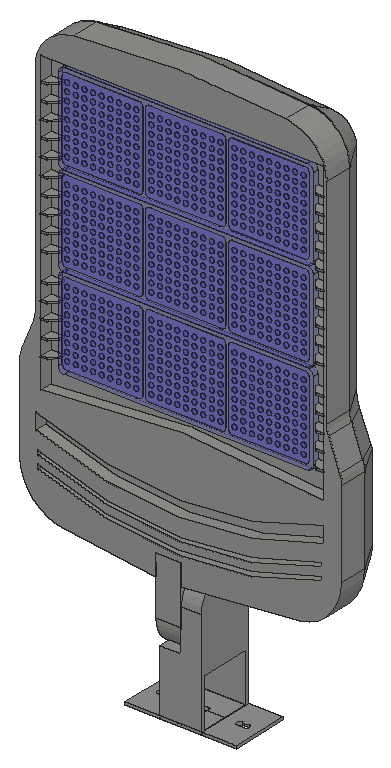
Revit family "VP-4-T", category Lighting Fixtures, host Face, Revit 2019
Family settings
  Host = Face
  Round Connector Dimension = Use Diameter
  Part Type = Normal
  OmniClass Number = 23.80.70.11.14.17
  OmniClass Title = Direct/Indirect
  Cut with Voids When Loaded = No
  Light Source = No
  Shared = Yes
  Room Calculation Point = No
Parameters (values of type "VP-4-T")
  Wattage Comments = "600W"
  Warranty = "Five year warranty"  # constant formula
  Voltage = 120 V
  URL = "https://www.currentlighting.com/beacon"
  Type Comments = "Lighting Fixture"  # constant formula
  Product Page URL = "https://www.currentlighting.com/outdoor-lighting/viper-area-size-4/9606406"
  Product Documentation Link = "https://cdn.currentlighting.com/site/specsheet/BEA_VIPERSPEC.pdf"
  Power Factor = 0.9
  Name = "Viper Area Size 4"  # constant formula
  Model = "VP-4-T"
  Matt Grey = MATT GREY
  Matt Black = Matt Black
  Manufacturer = "Current Lighting"  # constant formula
  Load Classification = Lighting
  Light Output = 87468.00 cd/m²
  Lamp = "LED"  # constant formula
  Grey = Grey
  Glass = Glass
  Features = "Featuring two different optical technologies, Micro Strike and Strike Optics, which provide the best distribution patterns for retrofit or new construction\r\nVibration rated for high vibration applications including bridges and overpasses\r\nControl options including photo control, occupancy sensing, NX Lighting Controls, wiSCAPE and 7-Pin with networked controls\r\nMounting options include: Arm, Universal Arm, Adjustable Arm, Mast Arm, Decorative Arm, Knuckle, Trunnion, Wall\r\nDistribution options include: Auto Front Row, Type 2, Type 3, Type 4 Forward, Type 4 Wide, Type 5 Narrow, Type 5 Medium, Type 5 Wide, Type 5 Rectangular, Corner Optic, and Tennis Court\r\n\r\n"  # constant formula
  Copyright = "© 2022 Current Lighting"  # constant formula
  Cool Grey = Cool Grey
  Contact Us = "https://www.currentlighting.com/contact-us"
  Certification = "UL"  # constant formula
  Description = "The Viper is an extremely versatile area/site luminaire which blends design, performance, and technology for a variety of applications."  # constant formula
  Default Elevation = 48.00"
  Finish = Arctic White
  Matt White = Matt White
  CRI = "70"  # constant formula
  Brand = "Beacon"  # constant formula
  Assembly Code = "D5020200"
  Apparent Load = 600 VA
Reference planes (in)
  plane 1 "Center (Front/Back)": y = 6.16697
  plane 2: z = 0
  plane 3 "Center (Left/Right)": x = 0
  plane 4: z = 3.75
  plane 5: z = -4.44
  plane 6: x = -1.75
  plane 7: x = 1.75
  plane 8: y = 4.41697
  plane 9: y = 7.91697
  plane 10: z = 120
Lines and regions (in)
  reference lines
    curve 1: line (0, 14.42606, -3.25) -> (0, 17.42606, -0.25)
    curve 2: line (0, -2.09213, -3.25) -> (0, 14.42606, -3.25)
    curve 3: line (0, -5.09213, -0.25) -> (0, -2.09213, -3.25)
    curve 4: line (0, 14.42606, -3.25) -> (0, 17.42606, -0.25)
    curve 5: line (0, -5.09213, -0.25) -> (0, 17.42606, -0.25)
    curve 6: line (0, 17.17606, -0.77432) -> (0, 17.92606, -0.77432)
    curve 7: line (0, 17.17606, -1.52432) -> (0, 17.17606, -0.77432)
    curve 8: line (0, 16.69614, -1.52432) -> (0, 17.17606, -1.52432)
    curve 9: line (0, 14.92606, -4.25) -> (0, 16.69614, -1.52432)
    curve 10: line (0, -4.3622, -1.52432) -> (0, -2.59213, -4.25)
    curve 11: line (0, -4.84213, -1.52432) -> (0, -4.3622, -1.52432)
    curve 12: line (0, -4.84213, -0.77432) -> (0, -4.84213, -1.52432)
    curve 13: line (0, -5.59213, -0.77432) -> (0, -4.84213, -0.77432)
Dimensions and locks (in)
  plane 4 to plane 2 = 3.75"
  plane 8 to plane 9 = 3.50"
  equal spacing: plane 8, plane 1 "Center (Front/Back)", plane 9
  equal spacing: plane 6, plane 3 "Center (Left/Right)", plane 7
  plane 6 to plane 7 = 3.50"
  plane 10 to plane 2 = 120.00"
  aligned and locked: plane 2 to host face
  aligned and locked: level to host face
  aligned and locked: plane 3 "Center (Left/Right)" to nested 1
  aligned and locked: plane 1 "Center (Front/Back)" to nested 1
Automatic sketch dimensions
  host sketch curve to host sketch curve = 96.00"
  host sketch curve to host sketch curve = 85.00"
  curve 3 to level = 0.25"
  plane 8 to curve 3 = 9.50909"
  curve 3 to curve 12 = 0.25"
  curve 11 to curve 11 = 0.47992"
  curve 2 to plane 5 = 1.19"
  curve 10 to curve 2 = 2.27008"
  curve 1 to plane 9 = 6.50909"
  curve 9 to level = 1.52432"
  curve 1 to curve 9 = 2.27008"
  curve 8 to curve 8 = 0.47992"
  curve 6 to curve 4 = 0.25"
  curve 10 to curve 3 = 1.27432"
  curve 7 to curve 1 = 0.52432"
  curve 12 to curve 3 = 0.52432"
  curve 13 to curve 3 = 0.50"
  curve 10 to plane 5 = 0.19"
  curve 10 to curve 2 = 0.50"
  curve 9 to plane 5 = 0.19"
  curve 1 to curve 9 = 0.50"
  curve 1 to curve 6 = 0.50"
Nested families (in)
  nested 1: "SIZE4-T" at (0, 6.16697, 0), type "SIZE4-T"
Connectors (in)
  electrical at (8.05953, 4.7895, 17.66953)
    settings: on nested 1, index 1, voltage 0 V, apparent load 0 VA, apparent load phase1 0 VA, apparent load phase2 0 VA, apparent load phase3 0 VA, power factor 1, load classification "Other", number of poles 1, system type 30, power factor state 1, is connector primary yes, connector utility no, sub classification motor no, connector description ""
Definition of nested family "SIZE4-T"
  Parameters (values of type "SIZE4-T")
    Width = 19.62"
    Wattage = 519.1 W
    built-in parameter 1150110 = 1 (stored number, unit not read)
    built-in parameter 1114217 = 1 (stored number, unit not read)
    Tilt Angle = 160.00°
    built-in parameter 1150109 = 1 (stored number, unit not read)
    built-in parameter 1150134 = 3
    built-in parameter 1150113 = 1 (stored number, unit not read)
    Photometric Web File = "VP-4-720L-515-5K7-4W-BC.ies"
    Mount Length = 7.50"
    built-in parameter 1150105 = 3180.8 (stored number, unit not read)
    Lumens = 39970.7 lm
    built-in parameter 1150115 = 1 (stored number, unit not read)
    built-in parameter 1150137 = (empty or 0)
    built-in parameter 1150139 = (empty or 0)
    Length = 27.98"
    built-in parameter 1150112 = 1 (stored number, unit not read)
    built-in parameter 1150114 = 1 (stored number, unit not read)
    built-in parameter 1150132 = (empty or 0)
    built-in parameter 1150102 = (empty or 0)
    built-in parameter 1150107 = 3200 (stored number, unit not read)
    built-in parameter 1150138 = (empty or 0)
    built-in parameter 1150106 = 31.808 (stored number, unit not read)
    Glass = none
    Fixture = none
    built-in parameter 1150104 = 7.1535 (stored number, unit not read)
    Dimming Lamp Color Temperature Shift = (empty or 0)
    Default Elevation = 48.00"
    Color Filter = 16777215
    built-in parameter 1114218 = 1 (stored number, unit not read)
    built-in parameter 1150133 = 10 (stored number, unit not read)
  Reference planes (in)
    plane 1 "Center (Front/Back)": y = 0
    plane 2: z = 0
    plane 3 "Center (Left/Right)": x = 0
    plane 4: x = 9.81
    plane 5: x = -9.81
    plane 6: z = 7.5
    plane 7: z = 35.48
    plane 8: y = -1.74
    plane 9: y = 1.74
  Forms (in)
    Extrusion 1, solid
      sketch origin (0, 0, 0) x (1, 0, 0) y (0, 1, 0)
        loop
          line (-48, 48) -> (-48, -48) -> (48, -48) -> (48, 48) -> (-48, 48)
      from 0 to -12
    Extrusion 2, void
      sketch origin (0, 0, 0) x (1, 0, 0) y (0, 0, 1)
        loop
          arc (-8.40608, 15.16005) -> (0.0771, 15.81374) -> (8.56, 15.15635) r 55.21553
          line (8.56, 15.15635) -> (8.56, 33.16182) -> (-8.40608, 33.16182) -> (-8.40608, 15.16005)
      from 1 to 1.75
    Extrusion 3, solid, material <- "Glass"
      sketch origin (0, 0, -0.5) x (1, 0, 0) y (0, 0, 1)
        loop
          arc (-7.30987, 33.16182) -> (-7.55736, 33.05931) -> (-7.65987, 32.81182) r 0.35
          line (-7.65987, 32.81182) -> (-7.65987, 28.01182)
          arc (-7.65987, 28.01182) -> (-7.55736, 27.76434) -> (-7.30987, 27.66182) r 0.35
          line (-7.30987, 27.66182) -> (7.30987, 27.66182)
          arc (7.30987, 27.66182) -> (7.55736, 27.76434) -> (7.65987, 28.01182) r 0.35
          line (7.65987, 28.01182) -> (7.65987, 32.81182)
          arc (7.65987, 32.81182) -> (7.55736, 33.05931) -> (7.30987, 33.16182) r 0.35
          line (7.30987, 33.16182) -> (-7.30987, 33.16182)
      from 1 to 1.35
    Extrusion 4, solid, material <- "Glass"
      sketch origin (0.375, 0, -0.375) x (1, 0, 0) y (0, 0, 1)
        loop
          circle (-7.47829, 32.33694) r 0.15
        loop
          circle (-6.95955, 32.33694) r 0.15
        loop
          circle (-6.4408, 32.33694) r 0.15
        loop
          circle (-5.92205, 32.33694) r 0.15
        loop
          circle (-5.4033, 32.33694) r 0.15
        loop
          circle (-4.88455, 32.33694) r 0.15
        loop
          circle (-4.3658, 32.33694) r 0.15
        loop
          circle (-3.84705, 32.33694) r 0.15
        loop
          circle (-3.32831, 32.33694) r 0.15
        loop
          circle (-7.47829, 31.83694) r 0.15
        loop
          circle (-6.95955, 31.83694) r 0.15
        loop
          circle (-6.4408, 31.83694) r 0.15
        loop
          circle (-5.92205, 31.83694) r 0.15
        loop
          circle (-5.4033, 31.83694) r 0.15
        loop
          circle (-4.88455, 31.83694) r 0.15
        loop
          circle (-4.3658, 31.83694) r 0.15
        loop
          circle (-3.84705, 31.83694) r 0.15
        loop
          circle (-3.32831, 31.83694) r 0.15
        loop
          circle (-7.47829, 31.33694) r 0.15
        loop
          circle (-6.95955, 31.33694) r 0.15
        loop
          circle (-6.4408, 31.33694) r 0.15
        loop
          circle (-5.92205, 31.33694) r 0.15
        loop
          circle (-5.4033, 31.33694) r 0.15
        loop
          circle (-4.88455, 31.33694) r 0.15
        loop
          circle (-4.3658, 31.33694) r 0.15
        loop
          circle (-3.84705, 31.33694) r 0.15
        loop
          circle (-3.32831, 31.33694) r 0.15
        loop
          circle (-7.47829, 30.83694) r 0.15
        loop
          circle (-6.95955, 30.83694) r 0.15
        loop
          circle (-6.4408, 30.83694) r 0.15
        loop
          circle (-5.92205, 30.83694) r 0.15
        loop
          circle (-5.4033, 30.83694) r 0.15
        loop
          circle (-4.88455, 30.83694) r 0.15
        loop
          circle (-4.3658, 30.83694) r 0.15
        loop
          circle (-3.84705, 30.83694) r 0.15
        loop
          circle (-3.32831, 30.83694) r 0.15
        loop
          circle (-7.47829, 30.33694) r 0.15
        loop
          circle (-6.95955, 30.33694) r 0.15
        loop
          circle (-6.4408, 30.33694) r 0.15
        loop
          circle (-5.92205, 30.33694) r 0.15
        loop
          circle (-5.4033, 30.33694) r 0.15
        loop
          circle (-4.88455, 30.33694) r 0.15
        loop
          circle (-4.3658, 30.33694) r 0.15
        loop
          circle (-3.84705, 30.33694) r 0.15
        loop
          circle (-3.32831, 30.33694) r 0.15
        loop
          circle (-7.47829, 29.83694) r 0.15
        loop
          circle (-6.95955, 29.83694) r 0.15
        loop
          circle (-6.4408, 29.83694) r 0.15
        loop
          circle (-5.92205, 29.83694) r 0.15
        loop
          circle (-5.4033, 29.83694) r 0.15
        loop
          circle (-4.88455, 29.83694) r 0.15
        loop
          circle (-4.3658, 29.83694) r 0.15
        loop
          circle (-3.84705, 29.83694) r 0.15
        loop
          circle (-3.32831, 29.83694) r 0.15
        loop
          circle (-7.47829, 29.33694) r 0.15
        loop
          circle (-6.95955, 29.33694) r 0.15
        loop
          circle (-6.4408, 29.33694) r 0.15
        loop
          circle (-5.92205, 29.33694) r 0.15
        loop
          circle (-5.4033, 29.33694) r 0.15
        loop
          circle (-4.88455, 29.33694) r 0.15
        loop
          circle (-4.3658, 29.33694) r 0.15
        loop
          circle (-3.84705, 29.33694) r 0.15
        loop
          circle (-3.32831, 29.33694) r 0.15
        loop
          circle (-7.47829, 28.83694) r 0.15
        loop
          circle (-6.95955, 28.83694) r 0.15
        loop
          circle (-6.4408, 28.83694) r 0.15
        loop
          circle (-5.92205, 28.83694) r 0.15
        loop
          circle (-5.4033, 28.83694) r 0.15
        loop
          circle (-4.88455, 28.83694) r 0.15
        loop
          circle (-4.3658, 28.83694) r 0.15
        loop
          circle (-3.84705, 28.83694) r 0.15
        loop
          circle (-3.32831, 28.83694) r 0.15
        loop
          circle (-7.47829, 28.33694) r 0.15
        loop
          circle (-6.95955, 28.33694) r 0.15
        loop
          circle (-6.4408, 28.33694) r 0.15
        loop
          circle (-5.92205, 28.33694) r 0.15
        loop
          circle (-5.4033, 28.33694) r 0.15
        loop
          circle (-4.88455, 28.33694) r 0.15
        loop
          circle (-4.3658, 28.33694) r 0.15
        loop
          circle (-3.84705, 28.33694) r 0.15
        loop
          circle (-3.32831, 28.33694) r 0.15
      from 1.35 to 1.4
    Extrusion 5, solid, material <- "Glass"
      sketch origin (0, 0, -0.375) x (1, 0, 0) y (0, 0, 1)
        loop
          arc (-7.16655, 32.8409) -> (-7.34333, 32.76768) -> (-7.41655, 32.5909) r 0.25
          line (-7.41655, 32.5909) -> (-7.41655, 28.0909)
          arc (-7.41655, 28.0909) -> (-7.34333, 27.91412) -> (-7.16655, 27.8409) r 0.25
          line (-7.16655, 27.8409) -> (-2.81123, 27.8409)
          arc (-2.81123, 27.8409) -> (-2.63446, 27.91412) -> (-2.56123, 28.0909) r 0.25
          line (-2.56123, 28.0909) -> (-2.56123, 32.5909)
          arc (-2.56123, 32.5909) -> (-2.63446, 32.76768) -> (-2.81123, 32.8409) r 0.25
          line (-2.81123, 32.8409) -> (-7.16655, 32.8409)
      from 1.35 to 1.37213
    Extrusion 6, solid, material <- "Fixture"
      sketch origin (0, 0, 12.875) x (1, 0, 0) y (0, 1, 0)
        loop
          line (7.68693, -1) -> (7.68693, -1.20146)
          arc (7.68693, -1.20146) -> (7.69367, -1.23973) -> (7.71311, -1.27339) r 0.1119
          line (7.71311, -1.27339) -> (8.07367, -1.70309)
          arc (8.07367, -1.70309) -> (8.10164, -1.72455) -> (8.13607, -1.73219) r 0.08147
          line (8.13607, -1.73219) -> (8.56, -1.73219) -> (8.56, -1) -> (7.68693, -1)
      from 18.55 to 18.65
    Extrusion 7, solid, material <- "Glass"
      sketch origin (-0.375, 0, -0.375) x (-1, 0, 0) y (0, 0, -1)
        loop
          circle (-7.47829, -32.33694) r 0.15
        loop
          circle (-6.95955, -32.33694) r 0.15
        loop
          circle (-6.4408, -32.33694) r 0.15
        loop
          circle (-5.92205, -32.33694) r 0.15
        loop
          circle (-5.4033, -32.33694) r 0.15
        loop
          circle (-4.88455, -32.33694) r 0.15
        loop
          circle (-4.3658, -32.33694) r 0.15
        loop
          circle (-3.84705, -32.33694) r 0.15
        loop
          circle (-3.32831, -32.33694) r 0.15
        loop
          circle (-7.47829, -31.83694) r 0.15
        loop
          circle (-6.95955, -31.83694) r 0.15
        loop
          circle (-6.4408, -31.83694) r 0.15
        loop
          circle (-5.92205, -31.83694) r 0.15
        loop
          circle (-5.4033, -31.83694) r 0.15
        loop
          circle (-4.88455, -31.83694) r 0.15
        loop
          circle (-4.3658, -31.83694) r 0.15
        loop
          circle (-3.84705, -31.83694) r 0.15
        loop
          circle (-3.32831, -31.83694) r 0.15
        loop
          circle (-7.47829, -31.33694) r 0.15
        loop
          circle (-6.95955, -31.33694) r 0.15
        loop
          circle (-6.4408, -31.33694) r 0.15
        loop
          circle (-5.92205, -31.33694) r 0.15
        loop
          circle (-5.4033, -31.33694) r 0.15
        loop
          circle (-4.88455, -31.33694) r 0.15
        loop
          circle (-4.3658, -31.33694) r 0.15
        loop
          circle (-3.84705, -31.33694) r 0.15
        loop
          circle (-3.32831, -31.33694) r 0.15
        loop
          circle (-7.47829, -30.83694) r 0.15
        loop
          circle (-6.95955, -30.83694) r 0.15
        loop
          circle (-6.4408, -30.83694) r 0.15
        loop
          circle (-5.92205, -30.83694) r 0.15
        loop
          circle (-5.4033, -30.83694) r 0.15
        loop
          circle (-4.88455, -30.83694) r 0.15
        loop
          circle (-4.3658, -30.83694) r 0.15
        loop
          circle (-3.84705, -30.83694) r 0.15
        loop
          circle (-3.32831, -30.83694) r 0.15
        loop
          circle (-7.47829, -30.33694) r 0.15
        loop
          circle (-6.95955, -30.33694) r 0.15
        loop
          circle (-6.4408, -30.33694) r 0.15
        loop
          circle (-5.92205, -30.33694) r 0.15
        loop
          circle (-5.4033, -30.33694) r 0.15
        loop
          circle (-4.88455, -30.33694) r 0.15
        loop
          circle (-4.3658, -30.33694) r 0.15
        loop
          circle (-3.84705, -30.33694) r 0.15
        loop
          circle (-3.32831, -30.33694) r 0.15
        loop
          circle (-7.47829, -29.83694) r 0.15
        loop
          circle (-6.95955, -29.83694) r 0.15
        loop
          circle (-6.4408, -29.83694) r 0.15
        loop
          circle (-5.92205, -29.83694) r 0.15
        loop
          circle (-5.4033, -29.83694) r 0.15
        loop
          circle (-4.88455, -29.83694) r 0.15
        loop
          circle (-4.3658, -29.83694) r 0.15
        loop
          circle (-3.84705, -29.83694) r 0.15
        loop
          circle (-3.32831, -29.83694) r 0.15
        loop
          circle (-7.47829, -29.33694) r 0.15
        loop
          circle (-6.95955, -29.33694) r 0.15
        loop
          circle (-6.4408, -29.33694) r 0.15
        loop
          circle (-5.92205, -29.33694) r 0.15
        loop
          circle (-5.4033, -29.33694) r 0.15
        loop
          circle (-4.88455, -29.33694) r 0.15
        loop
          circle (-4.3658, -29.33694) r 0.15
        loop
          circle (-3.84705, -29.33694) r 0.15
        loop
          circle (-3.32831, -29.33694) r 0.15
        loop
          circle (-7.47829, -28.83694) r 0.15
        loop
          circle (-6.95955, -28.83694) r 0.15
        loop
          circle (-6.4408, -28.83694) r 0.15
        loop
          circle (-5.92205, -28.83694) r 0.15
        loop
          circle (-5.4033, -28.83694) r 0.15
        loop
          circle (-4.88455, -28.83694) r 0.15
        loop
          circle (-4.3658, -28.83694) r 0.15
        loop
          circle (-3.84705, -28.83694) r 0.15
        loop
          circle (-3.32831, -28.83694) r 0.15
        loop
          circle (-7.47829, -28.33694) r 0.15
        loop
          circle (-6.95955, -28.33694) r 0.15
        loop
          circle (-6.4408, -28.33694) r 0.15
        loop
          circle (-5.92205, -28.33694) r 0.15
        loop
          circle (-5.4033, -28.33694) r 0.15
        loop
          circle (-4.88455, -28.33694) r 0.15
        loop
          circle (-4.3658, -28.33694) r 0.15
        loop
          circle (-3.84705, -28.33694) r 0.15
        loop
          circle (-3.32831, -28.33694) r 0.15
      from 1.35 to 1.4
    Extrusion 8, solid, material <- "Glass"
      sketch origin (0, 0, -0.375) x (-1, 0, 0) y (0, 0, -1)
        loop
          line (-7.16655, -32.8409) -> (-2.84181, -32.8409)
          arc (-2.84181, -32.8409) -> (-2.66504, -32.76768) -> (-2.59181, -32.5909) r 0.25
          line (-2.59181, -32.5909) -> (-2.59181, -28.0909)
          arc (-2.59181, -28.0909) -> (-2.66504, -27.91412) -> (-2.84181, -27.8409) r 0.25
          line (-2.84181, -27.8409) -> (-7.16655, -27.8409)
          arc (-7.16655, -27.8409) -> (-7.34333, -27.91412) -> (-7.41655, -28.0909) r 0.25
          line (-7.41655, -28.0909) -> (-7.41655, -32.5909)
          arc (-7.41655, -32.5909) -> (-7.34333, -32.76768) -> (-7.16655, -32.8409) r 0.25
      from 1.35 to 1.37213
    Extrusion 9, solid, material <- "Glass"
      sketch origin (0, 0, -5.75) x (1, 0, 0) y (0, 0, 1)
        loop
          arc (-7.30987, 32.91182) -> (-7.55736, 32.80931) -> (-7.65987, 32.56182) r 0.35
          line (-7.65987, 32.56182) -> (-7.65987, 27.76182)
          arc (-7.65987, 27.76182) -> (-7.55736, 27.51434) -> (-7.30987, 27.41182) r 0.35
          line (-7.30987, 27.41182) -> (7.30987, 27.41182)
          arc (7.30987, 27.41182) -> (7.55736, 27.51434) -> (7.65987, 27.76182) r 0.35
          line (7.65987, 27.76182) -> (7.65987, 32.56182)
          arc (7.65987, 32.56182) -> (7.55736, 32.80931) -> (7.30987, 32.91182) r 0.35
          line (7.30987, 32.91182) -> (-7.30987, 32.91182)
      from 1 to 1.35
    Extrusion 10, solid, material <- "Glass"
      sketch origin (0, 0, 47.30365) x (1, 0, 0) y (0, 0, 1)
        loop
          line (-7.30987, -31.14182) -> (7.30987, -31.14182)
          arc (7.30987, -31.14182) -> (7.55736, -31.03931) -> (7.65987, -30.79182) r 0.35
          line (7.65987, -30.79182) -> (7.65987, -25.99182)
          arc (7.65987, -25.99182) -> (7.55736, -25.74434) -> (7.30987, -25.64182) r 0.35
          line (7.30987, -25.64182) -> (-7.30987, -25.64182)
          arc (-7.30987, -25.64182) -> (-7.55736, -25.74434) -> (-7.65987, -25.99182) r 0.35
          line (-7.65987, -25.99182) -> (-7.65987, -30.79182)
          arc (-7.65987, -30.79182) -> (-7.55736, -31.03931) -> (-7.30987, -31.14182) r 0.35
      from 1 to 1.35
    Extrusion 11, solid, material <- "Fixture"
      sketch origin (0, 0, 11.87318) x (1, 0, 0) y (0, 1, 0)
        loop
          line (7.68693, -1) -> (7.68693, -1.20146)
          arc (7.68693, -1.20146) -> (7.69367, -1.23973) -> (7.71311, -1.27339) r 0.1119
          line (7.71311, -1.27339) -> (8.07367, -1.70309)
          arc (8.07367, -1.70309) -> (8.10164, -1.72455) -> (8.13607, -1.73219) r 0.08147
          line (8.13607, -1.73219) -> (8.56, -1.73219) -> (8.56, -1) -> (7.68693, -1)
      from 18.55 to 18.65
    Extrusion 12, solid, material <- "Fixture"
      sketch origin (0, 0, 10.87135) x (1, 0, 0) y (0, 1, 0)
        loop
          line (7.68693, -1) -> (7.68693, -1.20146)
          arc (7.68693, -1.20146) -> (7.69367, -1.23973) -> (7.71311, -1.27339) r 0.1119
          line (7.71311, -1.27339) -> (8.07367, -1.70309)
          arc (8.07367, -1.70309) -> (8.10164, -1.72455) -> (8.13607, -1.73219) r 0.08147
          line (8.13607, -1.73219) -> (8.56, -1.73219) -> (8.56, -1) -> (7.68693, -1)
      from 18.55 to 18.65
    Extrusion 13, solid, material <- "Fixture"
      sketch origin (0, 0, 9.86953) x (1, 0, 0) y (0, 1, 0)
        loop
          line (7.68693, -1) -> (7.68693, -1.20146)
          arc (7.68693, -1.20146) -> (7.69367, -1.23973) -> (7.71311, -1.27339) r 0.1119
          line (7.71311, -1.27339) -> (8.07367, -1.70309)
          arc (8.07367, -1.70309) -> (8.10164, -1.72455) -> (8.13607, -1.73219) r 0.08147
          line (8.13607, -1.73219) -> (8.56, -1.73219) -> (8.56, -1) -> (7.68693, -1)
      from 18.55 to 18.65
    Extrusion 14, solid, material <- "Fixture"
      sketch origin (0, 0, 8.86953) x (1, 0, 0) y (0, 1, 0)
        loop
          line (7.68693, -1) -> (7.68693, -1.20146)
          arc (7.68693, -1.20146) -> (7.69367, -1.23973) -> (7.71311, -1.27339) r 0.1119
          line (7.71311, -1.27339) -> (8.07367, -1.70309)
          arc (8.07367, -1.70309) -> (8.10164, -1.72455) -> (8.13607, -1.73219) r 0.08147
          line (8.13607, -1.73219) -> (8.56, -1.73219) -> (8.56, -1) -> (7.68693, -1)
      from 18.55 to 18.65
    Extrusion 15, solid, material <- "Fixture"
      sketch origin (0, 0, 7.8125) x (1, 0, 0) y (0, 1, 0)
        loop
          line (7.68693, -1) -> (7.68693, -1.20146)
          arc (7.68693, -1.20146) -> (7.69367, -1.23973) -> (7.71311, -1.27339) r 0.1119
          line (7.71311, -1.27339) -> (8.07367, -1.70309)
          arc (8.07367, -1.70309) -> (8.10164, -1.72455) -> (8.13607, -1.73219) r 0.08147
          line (8.13607, -1.73219) -> (8.56, -1.73219) -> (8.56, -1) -> (7.68693, -1)
      from 18.55 to 18.65
    Extrusion 16, solid, material <- "Fixture"
      sketch origin (0, 0, 6.81068) x (1, 0, 0) y (0, 1, 0)
        loop
          line (7.68693, -1) -> (7.68693, -1.20146)
          arc (7.68693, -1.20146) -> (7.69367, -1.23973) -> (7.71311, -1.27339) r 0.1119
          line (7.71311, -1.27339) -> (8.07367, -1.70309)
          arc (8.07367, -1.70309) -> (8.10164, -1.72455) -> (8.13607, -1.73219) r 0.08147
          line (8.13607, -1.73219) -> (8.56, -1.73219) -> (8.56, -1) -> (7.68693, -1)
      from 18.55 to 18.65
    Extrusion 17, solid, material <- "Fixture"
      sketch origin (0, 0, 5.80885) x (1, 0, 0) y (0, 1, 0)
        loop
          line (7.68693, -1) -> (7.68693, -1.20146)
          arc (7.68693, -1.20146) -> (7.69367, -1.23973) -> (7.71311, -1.27339) r 0.1119
          line (7.71311, -1.27339) -> (8.07367, -1.70309)
          arc (8.07367, -1.70309) -> (8.10164, -1.72455) -> (8.13607, -1.73219) r 0.08147
          line (8.13607, -1.73219) -> (8.56, -1.73219) -> (8.56, -1) -> (7.68693, -1)
      from 18.55 to 18.65
    Extrusion 18, solid, material <- "Fixture"
      sketch origin (0, 0, 4.80703) x (1, 0, 0) y (0, 1, 0)
        loop
          line (7.68693, -1) -> (7.68693, -1.20146)
          arc (7.68693, -1.20146) -> (7.69367, -1.23973) -> (7.71311, -1.27339) r 0.1119
          line (7.71311, -1.27339) -> (8.07367, -1.70309)
          arc (8.07367, -1.70309) -> (8.10164, -1.72455) -> (8.13607, -1.73219) r 0.08147
          line (8.13607, -1.73219) -> (8.56, -1.73219) -> (8.56, -1) -> (7.68693, -1)
      from 18.55 to 18.65
    Extrusion 19, solid, material <- "Fixture"
      sketch origin (0, 0, 3.80703) x (1, 0, 0) y (0, 1, 0)
        loop
          line (7.68693, -1) -> (7.68693, -1.20146)
          arc (7.68693, -1.20146) -> (7.69367, -1.23973) -> (7.71311, -1.27339) r 0.1119
          line (7.71311, -1.27339) -> (8.07367, -1.70309)
          arc (8.07367, -1.70309) -> (8.10164, -1.72455) -> (8.13607, -1.73219) r 0.08147
          line (8.13607, -1.73219) -> (8.56, -1.73219) -> (8.56, -1) -> (7.68693, -1)
      from 18.55 to 18.65
    Extrusion 20, solid, material <- "Fixture"
      sketch origin (0, 0, 2.125) x (1, 0, 0) y (0, 1, 0)
        loop
          line (7.68693, -1) -> (7.68693, -1.20146)
          arc (7.68693, -1.20146) -> (7.69367, -1.23973) -> (7.71311, -1.27339) r 0.1119
          line (7.71311, -1.27339) -> (8.07367, -1.70309)
          arc (8.07367, -1.70309) -> (8.10164, -1.72455) -> (8.13607, -1.73219) r 0.08147
          line (8.13607, -1.73219) -> (8.56, -1.73219) -> (8.56, -1) -> (7.68693, -1)
      from 18.55 to 18.65
    Extrusion 21, solid, material <- "Fixture"
      sketch origin (0, 0, 1.12318) x (1, 0, 0) y (0, 1, 0)
        loop
          line (7.68693, -1) -> (7.68693, -1.20146)
          arc (7.68693, -1.20146) -> (7.69367, -1.23973) -> (7.71311, -1.27339) r 0.1119
          line (7.71311, -1.27339) -> (8.07367, -1.70309)
          arc (8.07367, -1.70309) -> (8.10164, -1.72455) -> (8.13607, -1.73219) r 0.08147
          line (8.13607, -1.73219) -> (8.56, -1.73219) -> (8.56, -1) -> (7.68693, -1)
      from 18.55 to 18.65
    Extrusion 22, solid, material <- "Fixture"
      sketch origin (0, 0, 0.12135) x (1, 0, 0) y (0, 1, 0)
        loop
          line (7.68693, -1) -> (7.68693, -1.20146)
          arc (7.68693, -1.20146) -> (7.69367, -1.23973) -> (7.71311, -1.27339) r 0.1119
          line (7.71311, -1.27339) -> (8.07367, -1.70309)
          arc (8.07367, -1.70309) -> (8.10164, -1.72455) -> (8.13607, -1.73219) r 0.08147
          line (8.13607, -1.73219) -> (8.56, -1.73219) -> (8.56, -1) -> (7.68693, -1)
      from 18.55 to 18.65
    Extrusion 23, solid, material <- "Fixture"
      sketch origin (0, 0, -0.88047) x (1, 0, 0) y (0, 1, 0)
        loop
          line (7.68693, -1) -> (7.68693, -1.20146)
          arc (7.68693, -1.20146) -> (7.69367, -1.23973) -> (7.71311, -1.27339) r 0.1119
          line (7.71311, -1.27339) -> (8.07367, -1.70309)
          arc (8.07367, -1.70309) -> (8.10164, -1.72455) -> (8.13607, -1.73219) r 0.08147
          line (8.13607, -1.73219) -> (8.56, -1.73219) -> (8.56, -1) -> (7.68693, -1)
      from 18.55 to 18.65
    Extrusion 24, solid, material <- "Fixture"
      sketch origin (0, 0, -1.88047) x (1, 0, 0) y (0, 1, 0)
        loop
          line (7.68693, -1) -> (7.68693, -1.20146)
          arc (7.68693, -1.20146) -> (7.69367, -1.23973) -> (7.71311, -1.27339) r 0.1119
          line (7.71311, -1.27339) -> (8.07367, -1.70309)
          arc (8.07367, -1.70309) -> (8.10164, -1.72455) -> (8.13607, -1.73219) r 0.08147
          line (8.13607, -1.73219) -> (8.56, -1.73219) -> (8.56, -1) -> (7.68693, -1)
      from 18.55 to 18.65
    Extrusion 25, solid, material <- "Fixture"
      sketch origin (0.07812, 0, 13.125) x (-1, 0, 0) y (0, -1, 0)
        loop
          line (7.68693, 1) -> (8.56, 1) -> (8.56, 1.73219) -> (8.13607, 1.73219)
          arc (8.13607, 1.73219) -> (8.10164, 1.72455) -> (8.07367, 1.70309) r 0.08147
          line (8.07367, 1.70309) -> (7.71311, 1.27339)
          arc (7.71311, 1.27339) -> (7.69367, 1.23973) -> (7.68693, 1.20146) r 0.1119
          line (7.68693, 1.20146) -> (7.68693, 1)
      from 18.55 to 18.65
    Extrusion 26, solid, material <- "Fixture"
      sketch origin (0.07812, 0, 12.12318) x (-1, 0, 0) y (0, -1, 0)
        loop
          line (7.68693, 1) -> (8.56, 1) -> (8.56, 1.73219) -> (8.13607, 1.73219)
          arc (8.13607, 1.73219) -> (8.10164, 1.72455) -> (8.07367, 1.70309) r 0.08147
          line (8.07367, 1.70309) -> (7.71311, 1.27339)
          arc (7.71311, 1.27339) -> (7.69367, 1.23973) -> (7.68693, 1.20146) r 0.1119
          line (7.68693, 1.20146) -> (7.68693, 1)
      from 18.55 to 18.65
    Extrusion 27, solid, material <- "Fixture"
      sketch origin (0.07812, 0, 11.12135) x (-1, 0, 0) y (0, -1, 0)
        loop
          line (7.68693, 1) -> (8.56, 1) -> (8.56, 1.73219) -> (8.13607, 1.73219)
          arc (8.13607, 1.73219) -> (8.10164, 1.72455) -> (8.07367, 1.70309) r 0.08147
          line (8.07367, 1.70309) -> (7.71311, 1.27339)
          arc (7.71311, 1.27339) -> (7.69367, 1.23973) -> (7.68693, 1.20146) r 0.1119
          line (7.68693, 1.20146) -> (7.68693, 1)
      from 18.55 to 18.65
    Extrusion 28, solid, material <- "Fixture"
      sketch origin (0.07812, 0, 10.11953) x (-1, 0, 0) y (0, -1, 0)
        loop
          line (7.68693, 1) -> (8.56, 1) -> (8.56, 1.73219) -> (8.13607, 1.73219)
          arc (8.13607, 1.73219) -> (8.10164, 1.72455) -> (8.07367, 1.70309) r 0.08147
          line (8.07367, 1.70309) -> (7.71311, 1.27339)
          arc (7.71311, 1.27339) -> (7.69367, 1.23973) -> (7.68693, 1.20146) r 0.1119
          line (7.68693, 1.20146) -> (7.68693, 1)
      from 18.55 to 18.65
    Extrusion 29, solid, material <- "Fixture"
      sketch origin (0.07812, 0, 9.11953) x (-1, 0, 0) y (0, -1, 0)
        loop
          line (7.68693, 1) -> (8.56, 1) -> (8.56, 1.73219) -> (8.13607, 1.73219)
          arc (8.13607, 1.73219) -> (8.10164, 1.72455) -> (8.07367, 1.70309) r 0.08147
          line (8.07367, 1.70309) -> (7.71311, 1.27339)
          arc (7.71311, 1.27339) -> (7.69367, 1.23973) -> (7.68693, 1.20146) r 0.1119
          line (7.68693, 1.20146) -> (7.68693, 1)
      from 18.55 to 18.65
    Extrusion 30, solid, material <- "Fixture"
      sketch origin (0.07812, 0, 8.0625) x (-1, 0, 0) y (0, -1, 0)
        loop
          line (7.68693, 1) -> (8.56, 1) -> (8.56, 1.73219) -> (8.13607, 1.73219)
          arc (8.13607, 1.73219) -> (8.10164, 1.72455) -> (8.07367, 1.70309) r 0.08147
          line (8.07367, 1.70309) -> (7.71311, 1.27339)
          arc (7.71311, 1.27339) -> (7.69367, 1.23973) -> (7.68693, 1.20146) r 0.1119
          line (7.68693, 1.20146) -> (7.68693, 1)
      from 18.55 to 18.65
    Extrusion 31, solid, material <- "Fixture"
      sketch origin (0.07812, 0, 7.06068) x (-1, 0, 0) y (0, -1, 0)
        loop
          line (7.68693, 1) -> (8.56, 1) -> (8.56, 1.73219) -> (8.13607, 1.73219)
          arc (8.13607, 1.73219) -> (8.10164, 1.72455) -> (8.07367, 1.70309) r 0.08147
          line (8.07367, 1.70309) -> (7.71311, 1.27339)
          arc (7.71311, 1.27339) -> (7.69367, 1.23973) -> (7.68693, 1.20146) r 0.1119
          line (7.68693, 1.20146) -> (7.68693, 1)
      from 18.55 to 18.65
    Extrusion 32, solid, material <- "Fixture"
      sketch origin (0.07812, 0, 6.05885) x (-1, 0, 0) y (0, -1, 0)
        loop
          line (7.68693, 1) -> (8.56, 1) -> (8.56, 1.73219) -> (8.13607, 1.73219)
          arc (8.13607, 1.73219) -> (8.10164, 1.72455) -> (8.07367, 1.70309) r 0.08147
          line (8.07367, 1.70309) -> (7.71311, 1.27339)
          arc (7.71311, 1.27339) -> (7.69367, 1.23973) -> (7.68693, 1.20146) r 0.1119
          line (7.68693, 1.20146) -> (7.68693, 1)
      from 18.55 to 18.65
    Extrusion 33, solid, material <- "Fixture"
      sketch origin (0.07812, 0, 5.05703) x (-1, 0, 0) y (0, -1, 0)
        loop
          line (7.68693, 1) -> (8.56, 1) -> (8.56, 1.73219) -> (8.13607, 1.73219)
          arc (8.13607, 1.73219) -> (8.10164, 1.72455) -> (8.07367, 1.70309) r 0.08147
          line (8.07367, 1.70309) -> (7.71311, 1.27339)
          arc (7.71311, 1.27339) -> (7.69367, 1.23973) -> (7.68693, 1.20146) r 0.1119
          line (7.68693, 1.20146) -> (7.68693, 1)
      from 18.55 to 18.65
    Extrusion 34, solid, material <- "Fixture"
      sketch origin (0.07812, 0, 4.05703) x (-1, 0, 0) y (0, -1, 0)
        loop
          line (7.68693, 1) -> (8.56, 1) -> (8.56, 1.73219) -> (8.13607, 1.73219)
          arc (8.13607, 1.73219) -> (8.10164, 1.72455) -> (8.07367, 1.70309) r 0.08147
          line (8.07367, 1.70309) -> (7.71311, 1.27339)
          arc (7.71311, 1.27339) -> (7.69367, 1.23973) -> (7.68693, 1.20146) r 0.1119
          line (7.68693, 1.20146) -> (7.68693, 1)
      from 18.55 to 18.65
    Extrusion 35, solid, material <- "Fixture"
      sketch origin (0.07812, 0, 2.375) x (-1, 0, 0) y (0, -1, 0)
        loop
          line (7.68693, 1) -> (8.56, 1) -> (8.56, 1.73219) -> (8.13607, 1.73219)
          arc (8.13607, 1.73219) -> (8.10164, 1.72455) -> (8.07367, 1.70309) r 0.08147
          line (8.07367, 1.70309) -> (7.71311, 1.27339)
          arc (7.71311, 1.27339) -> (7.69367, 1.23973) -> (7.68693, 1.20146) r 0.1119
          line (7.68693, 1.20146) -> (7.68693, 1)
      from 18.55 to 18.65
    Extrusion 36, solid, material <- "Fixture"
      sketch origin (0.07812, 0, 1.37318) x (-1, 0, 0) y (0, -1, 0)
        loop
          line (7.68693, 1) -> (8.56, 1) -> (8.56, 1.73219) -> (8.13607, 1.73219)
          arc (8.13607, 1.73219) -> (8.10164, 1.72455) -> (8.07367, 1.70309) r 0.08147
          line (8.07367, 1.70309) -> (7.71311, 1.27339)
          arc (7.71311, 1.27339) -> (7.69367, 1.23973) -> (7.68693, 1.20146) r 0.1119
          line (7.68693, 1.20146) -> (7.68693, 1)
      from 18.55 to 18.65
    Extrusion 37, solid, material <- "Fixture"
      sketch origin (0.07812, 0, 0.37135) x (-1, 0, 0) y (0, -1, 0)
        loop
          line (7.68693, 1) -> (8.56, 1) -> (8.56, 1.73219) -> (8.13607, 1.73219)
          arc (8.13607, 1.73219) -> (8.10164, 1.72455) -> (8.07367, 1.70309) r 0.08147
          line (8.07367, 1.70309) -> (7.71311, 1.27339)
          arc (7.71311, 1.27339) -> (7.69367, 1.23973) -> (7.68693, 1.20146) r 0.1119
          line (7.68693, 1.20146) -> (7.68693, 1)
      from 18.55 to 18.65
    Extrusion 38, solid, material <- "Fixture"
      sketch origin (0.07812, 0, -0.63047) x (-1, 0, 0) y (0, -1, 0)
        loop
          line (7.68693, 1) -> (8.56, 1) -> (8.56, 1.73219) -> (8.13607, 1.73219)
          arc (8.13607, 1.73219) -> (8.10164, 1.72455) -> (8.07367, 1.70309) r 0.08147
          line (8.07367, 1.70309) -> (7.71311, 1.27339)
          arc (7.71311, 1.27339) -> (7.69367, 1.23973) -> (7.68693, 1.20146) r 0.1119
          line (7.68693, 1.20146) -> (7.68693, 1)
      from 18.55 to 18.65
    Extrusion 39, solid, material <- "Fixture"
      sketch origin (0.07812, 0, -1.63047) x (-1, 0, 0) y (0, -1, 0)
        loop
          line (7.68693, 1) -> (8.56, 1) -> (8.56, 1.73219) -> (8.13607, 1.73219)
          arc (8.13607, 1.73219) -> (8.10164, 1.72455) -> (8.07367, 1.70309) r 0.08147
          line (8.07367, 1.70309) -> (7.71311, 1.27339)
          arc (7.71311, 1.27339) -> (7.69367, 1.23973) -> (7.68693, 1.20146) r 0.1119
          line (7.68693, 1.20146) -> (7.68693, 1)
      from 18.55 to 18.65
    Extrusion 40, void
      sketch origin (0, 0, 3.625) x (1, 0, 0) y (0, 0, 1)
        loop
          line (-8.70207, 10.26622) -> (-8.70207, 9.26622)
          arc (-8.70207, 9.26622) -> (-0.07103, 7.54738) -> (8.57, 9.21524) r 22.86863
          line (8.57, 9.21524) -> (8.57, 10.21524)
          arc (8.57, 10.21524) -> (-0.07103, 8.54738) -> (-8.70207, 10.26622) r 22.86863
        loop
          line (-8.61035, 8.24972) -> (-8.61035, 7.97854)
          arc (-8.61035, 7.97854) -> (-0.06712, 6.29523) -> (8.48535, 7.93095) r 22.84399
          line (8.48535, 7.93095) -> (8.48535, 8.20243)
          arc (8.48535, 8.20243) -> (-0.06706, 6.57598) -> (-8.61035, 8.24972) r 22.96502
        loop
          line (-8.61035, 7.49972) -> (-8.61035, 7.22854)
          arc (-8.61035, 7.22854) -> (-0.06712, 5.54523) -> (8.48535, 7.18095) r 22.84399
          line (8.48535, 7.18095) -> (8.48535, 7.45243)
          arc (8.48535, 7.45243) -> (-0.06706, 5.82598) -> (-8.61035, 7.49972) r 22.96502
      from 1 to 1.75
    Extrusion 41, solid, material <- "Glass"
      sketch origin (-5.375, 0, -0.375) x (-1, 0, 0) y (0, 0, -1)
        loop
          circle (-7.47829, -32.33694) r 0.15
        loop
          circle (-6.95955, -32.33694) r 0.15
        loop
          circle (-6.4408, -32.33694) r 0.15
        loop
          circle (-5.92205, -32.33694) r 0.15
        loop
          circle (-5.4033, -32.33694) r 0.15
        loop
          circle (-4.88455, -32.33694) r 0.15
        loop
          circle (-4.3658, -32.33694) r 0.15
        loop
          circle (-3.84705, -32.33694) r 0.15
        loop
          circle (-3.32831, -32.33694) r 0.15
        loop
          circle (-7.47829, -31.83694) r 0.15
        loop
          circle (-6.95955, -31.83694) r 0.15
        loop
          circle (-6.4408, -31.83694) r 0.15
        loop
          circle (-5.92205, -31.83694) r 0.15
        loop
          circle (-5.4033, -31.83694) r 0.15
        loop
          circle (-4.88455, -31.83694) r 0.15
        loop
          circle (-4.3658, -31.83694) r 0.15
        loop
          circle (-3.84705, -31.83694) r 0.15
        loop
          circle (-3.32831, -31.83694) r 0.15
        loop
          circle (-7.47829, -31.33694) r 0.15
        loop
          circle (-6.95955, -31.33694) r 0.15
        loop
          circle (-6.4408, -31.33694) r 0.15
        loop
          circle (-5.92205, -31.33694) r 0.15
        loop
          circle (-5.4033, -31.33694) r 0.15
        loop
          circle (-4.88455, -31.33694) r 0.15
        loop
          circle (-4.3658, -31.33694) r 0.15
        loop
          circle (-3.84705, -31.33694) r 0.15
        loop
          circle (-3.32831, -31.33694) r 0.15
        loop
          circle (-7.47829, -30.83694) r 0.15
        loop
          circle (-6.95955, -30.83694) r 0.15
        loop
          circle (-6.4408, -30.83694) r 0.15
        loop
          circle (-5.92205, -30.83694) r 0.15
        loop
          circle (-5.4033, -30.83694) r 0.15
        loop
          circle (-4.88455, -30.83694) r 0.15
        loop
          circle (-4.3658, -30.83694) r 0.15
        loop
          circle (-3.84705, -30.83694) r 0.15
        loop
          circle (-3.32831, -30.83694) r 0.15
        loop
          circle (-7.47829, -30.33694) r 0.15
        loop
          circle (-6.95955, -30.33694) r 0.15
        loop
          circle (-6.4408, -30.33694) r 0.15
        loop
          circle (-5.92205, -30.33694) r 0.15
        loop
          circle (-5.4033, -30.33694) r 0.15
        loop
          circle (-4.88455, -30.33694) r 0.15
        loop
          circle (-4.3658, -30.33694) r 0.15
        loop
          circle (-3.84705, -30.33694) r 0.15
        loop
          circle (-3.32831, -30.33694) r 0.15
        loop
          circle (-7.47829, -29.83694) r 0.15
        loop
          circle (-6.95955, -29.83694) r 0.15
        loop
          circle (-6.4408, -29.83694) r 0.15
        loop
          circle (-5.92205, -29.83694) r 0.15
        loop
          circle (-5.4033, -29.83694) r 0.15
        loop
          circle (-4.88455, -29.83694) r 0.15
        loop
          circle (-4.3658, -29.83694) r 0.15
        loop
          circle (-3.84705, -29.83694) r 0.15
        loop
          circle (-3.32831, -29.83694) r 0.15
        loop
          circle (-7.47829, -29.33694) r 0.15
        loop
          circle (-6.95955, -29.33694) r 0.15
        loop
          circle (-6.4408, -29.33694) r 0.15
        loop
          circle (-5.92205, -29.33694) r 0.15
        loop
          circle (-5.4033, -29.33694) r 0.15
        loop
          circle (-4.88455, -29.33694) r 0.15
        loop
          circle (-4.3658, -29.33694) r 0.15
        loop
          circle (-3.84705, -29.33694) r 0.15
        loop
          circle (-3.32831, -29.33694) r 0.15
        loop
          circle (-7.47829, -28.83694) r 0.15
        loop
          circle (-6.95955, -28.83694) r 0.15
        loop
          circle (-6.4408, -28.83694) r 0.15
        loop
          circle (-5.92205, -28.83694) r 0.15
        loop
          circle (-5.4033, -28.83694) r 0.15
        loop
          circle (-4.88455, -28.83694) r 0.15
        loop
          circle (-4.3658, -28.83694) r 0.15
        loop
          circle (-3.84705, -28.83694) r 0.15
        loop
          circle (-3.32831, -28.83694) r 0.15
        loop
          circle (-7.47829, -28.33694) r 0.15
        loop
          circle (-6.95955, -28.33694) r 0.15
        loop
          circle (-6.4408, -28.33694) r 0.15
        loop
          circle (-5.92205, -28.33694) r 0.15
        loop
          circle (-5.4033, -28.33694) r 0.15
        loop
          circle (-4.88455, -28.33694) r 0.15
        loop
          circle (-4.3658, -28.33694) r 0.15
        loop
          circle (-3.84705, -28.33694) r 0.15
        loop
          circle (-3.32831, -28.33694) r 0.15
      from 1.35 to 1.4
    Extrusion 42, solid, material <- "Glass"
      sketch origin (-5, 0, -0.375) x (-1, 0, 0) y (0, 0, -1)
        loop
          line (-7.16655, -32.8409) -> (-2.84181, -32.8409)
          arc (-2.84181, -32.8409) -> (-2.66504, -32.76768) -> (-2.59181, -32.5909) r 0.25
          line (-2.59181, -32.5909) -> (-2.59181, -28.0909)
          arc (-2.59181, -28.0909) -> (-2.66504, -27.91412) -> (-2.84181, -27.8409) r 0.25
          line (-2.84181, -27.8409) -> (-7.16655, -27.8409)
          arc (-7.16655, -27.8409) -> (-7.34333, -27.91412) -> (-7.41655, -28.0909) r 0.25
          line (-7.41655, -28.0909) -> (-7.41655, -32.5909)
          arc (-7.41655, -32.5909) -> (-7.34333, -32.76768) -> (-7.16655, -32.8409) r 0.25
      from 1.35 to 1.37213
    Extrusion 43, solid, material <- "Glass"
      sketch origin (0.375, 0, -5.875) x (1, 0, 0) y (0, 0, 1)
        loop
          circle (-7.47829, 32.33694) r 0.15
        loop
          circle (-6.95955, 32.33694) r 0.15
        loop
          circle (-6.4408, 32.33694) r 0.15
        loop
          circle (-5.92205, 32.33694) r 0.15
        loop
          circle (-5.4033, 32.33694) r 0.15
        loop
          circle (-4.88455, 32.33694) r 0.15
        loop
          circle (-4.3658, 32.33694) r 0.15
        loop
          circle (-3.84705, 32.33694) r 0.15
        loop
          circle (-3.32831, 32.33694) r 0.15
        loop
          circle (-7.47829, 31.83694) r 0.15
        loop
          circle (-6.95955, 31.83694) r 0.15
        loop
          circle (-6.4408, 31.83694) r 0.15
        loop
          circle (-5.92205, 31.83694) r 0.15
        loop
          circle (-5.4033, 31.83694) r 0.15
        loop
          circle (-4.88455, 31.83694) r 0.15
        loop
          circle (-4.3658, 31.83694) r 0.15
        loop
          circle (-3.84705, 31.83694) r 0.15
        loop
          circle (-3.32831, 31.83694) r 0.15
        loop
          circle (-7.47829, 31.33694) r 0.15
        loop
          circle (-6.95955, 31.33694) r 0.15
        loop
          circle (-6.4408, 31.33694) r 0.15
        loop
          circle (-5.92205, 31.33694) r 0.15
        loop
          circle (-5.4033, 31.33694) r 0.15
        loop
          circle (-4.88455, 31.33694) r 0.15
        loop
          circle (-4.3658, 31.33694) r 0.15
        loop
          circle (-3.84705, 31.33694) r 0.15
        loop
          circle (-3.32831, 31.33694) r 0.15
        loop
          circle (-7.47829, 30.83694) r 0.15
        loop
          circle (-6.95955, 30.83694) r 0.15
        loop
          circle (-6.4408, 30.83694) r 0.15
        loop
          circle (-5.92205, 30.83694) r 0.15
        loop
          circle (-5.4033, 30.83694) r 0.15
        loop
          circle (-4.88455, 30.83694) r 0.15
        loop
          circle (-4.3658, 30.83694) r 0.15
        loop
          circle (-3.84705, 30.83694) r 0.15
        loop
          circle (-3.32831, 30.83694) r 0.15
        loop
          circle (-7.47829, 30.33694) r 0.15
        loop
          circle (-6.95955, 30.33694) r 0.15
        loop
          circle (-6.4408, 30.33694) r 0.15
        loop
          circle (-5.92205, 30.33694) r 0.15
        loop
          circle (-5.4033, 30.33694) r 0.15
        loop
          circle (-4.88455, 30.33694) r 0.15
        loop
          circle (-4.3658, 30.33694) r 0.15
        loop
          circle (-3.84705, 30.33694) r 0.15
        loop
          circle (-3.32831, 30.33694) r 0.15
        loop
          circle (-7.47829, 29.83694) r 0.15
        loop
          circle (-6.95955, 29.83694) r 0.15
        loop
          circle (-6.4408, 29.83694) r 0.15
        loop
          circle (-5.92205, 29.83694) r 0.15
        loop
          circle (-5.4033, 29.83694) r 0.15
        loop
          circle (-4.88455, 29.83694) r 0.15
        loop
          circle (-4.3658, 29.83694) r 0.15
        loop
          circle (-3.84705, 29.83694) r 0.15
        loop
          circle (-3.32831, 29.83694) r 0.15
        loop
          circle (-7.47829, 29.33694) r 0.15
        loop
          circle (-6.95955, 29.33694) r 0.15
        loop
          circle (-6.4408, 29.33694) r 0.15
        loop
          circle (-5.92205, 29.33694) r 0.15
        loop
          circle (-5.4033, 29.33694) r 0.15
        loop
          circle (-4.88455, 29.33694) r 0.15
        loop
          circle (-4.3658, 29.33694) r 0.15
        loop
          circle (-3.84705, 29.33694) r 0.15
        loop
          circle (-3.32831, 29.33694) r 0.15
        loop
          circle (-7.47829, 28.83694) r 0.15
        loop
          circle (-6.95955, 28.83694) r 0.15
        loop
          circle (-6.4408, 28.83694) r 0.15
        loop
          circle (-5.92205, 28.83694) r 0.15
        loop
          circle (-5.4033, 28.83694) r 0.15
        loop
          circle (-4.88455, 28.83694) r 0.15
        loop
          circle (-4.3658, 28.83694) r 0.15
        loop
          circle (-3.84705, 28.83694) r 0.15
        loop
          circle (-3.32831, 28.83694) r 0.15
        loop
          circle (-7.47829, 28.33694) r 0.15
        loop
          circle (-6.95955, 28.33694) r 0.15
        loop
          circle (-6.4408, 28.33694) r 0.15
        loop
          circle (-5.92205, 28.33694) r 0.15
        loop
          circle (-5.4033, 28.33694) r 0.15
        loop
          circle (-4.88455, 28.33694) r 0.15
        loop
          circle (-4.3658, 28.33694) r 0.15
        loop
          circle (-3.84705, 28.33694) r 0.15
        loop
          circle (-3.32831, 28.33694) r 0.15
      from 1.35 to 1.4
    Extrusion 44, solid, material <- "Glass"
      sketch origin (0, 0, -5.875) x (1, 0, 0) y (0, 0, 1)
        loop
          arc (-7.16655, 32.8409) -> (-7.34333, 32.76768) -> (-7.41655, 32.5909) r 0.25
          line (-7.41655, 32.5909) -> (-7.41655, 28.0909)
          arc (-7.41655, 28.0909) -> (-7.34333, 27.91412) -> (-7.16655, 27.8409) r 0.25
          line (-7.16655, 27.8409) -> (-2.81123, 27.8409)
          arc (-2.81123, 27.8409) -> (-2.63446, 27.91412) -> (-2.56123, 28.0909) r 0.25
          line (-2.56123, 28.0909) -> (-2.56123, 32.5909)
          arc (-2.56123, 32.5909) -> (-2.63446, 32.76768) -> (-2.81123, 32.8409) r 0.25
          line (-2.81123, 32.8409) -> (-7.16655, 32.8409)
      from 1.35 to 1.37213
    Extrusion 45, solid, material <- "Glass"
      sketch origin (-0.375, 0, -5.875) x (-1, 0, 0) y (0, 0, -1)
        loop
          circle (-7.47829, -32.33694) r 0.15
        loop
          circle (-6.95955, -32.33694) r 0.15
        loop
          circle (-6.4408, -32.33694) r 0.15
        loop
          circle (-5.92205, -32.33694) r 0.15
        loop
          circle (-5.4033, -32.33694) r 0.15
        loop
          circle (-4.88455, -32.33694) r 0.15
        loop
          circle (-4.3658, -32.33694) r 0.15
        loop
          circle (-3.84705, -32.33694) r 0.15
        loop
          circle (-3.32831, -32.33694) r 0.15
        loop
          circle (-7.47829, -31.83694) r 0.15
        loop
          circle (-6.95955, -31.83694) r 0.15
        loop
          circle (-6.4408, -31.83694) r 0.15
        loop
          circle (-5.92205, -31.83694) r 0.15
        loop
          circle (-5.4033, -31.83694) r 0.15
        loop
          circle (-4.88455, -31.83694) r 0.15
        loop
          circle (-4.3658, -31.83694) r 0.15
        loop
          circle (-3.84705, -31.83694) r 0.15
        loop
          circle (-3.32831, -31.83694) r 0.15
        loop
          circle (-7.47829, -31.33694) r 0.15
        loop
          circle (-6.95955, -31.33694) r 0.15
        loop
          circle (-6.4408, -31.33694) r 0.15
        loop
          circle (-5.92205, -31.33694) r 0.15
        loop
          circle (-5.4033, -31.33694) r 0.15
        loop
          circle (-4.88455, -31.33694) r 0.15
        loop
          circle (-4.3658, -31.33694) r 0.15
        loop
          circle (-3.84705, -31.33694) r 0.15
        loop
          circle (-3.32831, -31.33694) r 0.15
        loop
          circle (-7.47829, -30.83694) r 0.15
        loop
          circle (-6.95955, -30.83694) r 0.15
        loop
          circle (-6.4408, -30.83694) r 0.15
        loop
          circle (-5.92205, -30.83694) r 0.15
        loop
          circle (-5.4033, -30.83694) r 0.15
        loop
          circle (-4.88455, -30.83694) r 0.15
        loop
          circle (-4.3658, -30.83694) r 0.15
        loop
          circle (-3.84705, -30.83694) r 0.15
        loop
          circle (-3.32831, -30.83694) r 0.15
        loop
          circle (-7.47829, -30.33694) r 0.15
        loop
          circle (-6.95955, -30.33694) r 0.15
        loop
          circle (-6.4408, -30.33694) r 0.15
        loop
          circle (-5.92205, -30.33694) r 0.15
        loop
          circle (-5.4033, -30.33694) r 0.15
        loop
          circle (-4.88455, -30.33694) r 0.15
        loop
          circle (-4.3658, -30.33694) r 0.15
        loop
          circle (-3.84705, -30.33694) r 0.15
        loop
          circle (-3.32831, -30.33694) r 0.15
        loop
          circle (-7.47829, -29.83694) r 0.15
        loop
          circle (-6.95955, -29.83694) r 0.15
        loop
          circle (-6.4408, -29.83694) r 0.15
        loop
          circle (-5.92205, -29.83694) r 0.15
        loop
          circle (-5.4033, -29.83694) r 0.15
        loop
          circle (-4.88455, -29.83694) r 0.15
        loop
          circle (-4.3658, -29.83694) r 0.15
        loop
          circle (-3.84705, -29.83694) r 0.15
        loop
          circle (-3.32831, -29.83694) r 0.15
        loop
          circle (-7.47829, -29.33694) r 0.15
        loop
          circle (-6.95955, -29.33694) r 0.15
        loop
          circle (-6.4408, -29.33694) r 0.15
        loop
          circle (-5.92205, -29.33694) r 0.15
        loop
          circle (-5.4033, -29.33694) r 0.15
        loop
          circle (-4.88455, -29.33694) r 0.15
        loop
          circle (-4.3658, -29.33694) r 0.15
        loop
          circle (-3.84705, -29.33694) r 0.15
        loop
          circle (-3.32831, -29.33694) r 0.15
        loop
          circle (-7.47829, -28.83694) r 0.15
        loop
          circle (-6.95955, -28.83694) r 0.15
        loop
          circle (-6.4408, -28.83694) r 0.15
        loop
          circle (-5.92205, -28.83694) r 0.15
        loop
          circle (-5.4033, -28.83694) r 0.15
        loop
          circle (-4.88455, -28.83694) r 0.15
        loop
          circle (-4.3658, -28.83694) r 0.15
        loop
          circle (-3.84705, -28.83694) r 0.15
        loop
          circle (-3.32831, -28.83694) r 0.15
        loop
          circle (-7.47829, -28.33694) r 0.15
        loop
          circle (-6.95955, -28.33694) r 0.15
        loop
          circle (-6.4408, -28.33694) r 0.15
        loop
          circle (-5.92205, -28.33694) r 0.15
        loop
          circle (-5.4033, -28.33694) r 0.15
        loop
          circle (-4.88455, -28.33694) r 0.15
        loop
          circle (-4.3658, -28.33694) r 0.15
        loop
          circle (-3.84705, -28.33694) r 0.15
        loop
          circle (-3.32831, -28.33694) r 0.15
      from 1.35 to 1.4
    Extrusion 46, solid, material <- "Glass"
      sketch origin (0, 0, -5.875) x (-1, 0, 0) y (0, 0, -1)
        loop
          line (-7.16655, -32.8409) -> (-2.84181, -32.8409)
          arc (-2.84181, -32.8409) -> (-2.66504, -32.76768) -> (-2.59181, -32.5909) r 0.25
          line (-2.59181, -32.5909) -> (-2.59181, -28.0909)
          arc (-2.59181, -28.0909) -> (-2.66504, -27.91412) -> (-2.84181, -27.8409) r 0.25
          line (-2.84181, -27.8409) -> (-7.16655, -27.8409)
          arc (-7.16655, -27.8409) -> (-7.34333, -27.91412) -> (-7.41655, -28.0909) r 0.25
          line (-7.41655, -28.0909) -> (-7.41655, -32.5909)
          arc (-7.41655, -32.5909) -> (-7.34333, -32.76768) -> (-7.16655, -32.8409) r 0.25
      from 1.35 to 1.37213
    Extrusion 47, solid, material <- "Glass"
      sketch origin (-5.375, 0, -5.875) x (-1, 0, 0) y (0, 0, -1)
        loop
          circle (-7.47829, -32.33694) r 0.15
        loop
          circle (-6.95955, -32.33694) r 0.15
        loop
          circle (-6.4408, -32.33694) r 0.15
        loop
          circle (-5.92205, -32.33694) r 0.15
        loop
          circle (-5.4033, -32.33694) r 0.15
        loop
          circle (-4.88455, -32.33694) r 0.15
        loop
          circle (-4.3658, -32.33694) r 0.15
        loop
          circle (-3.84705, -32.33694) r 0.15
        loop
          circle (-3.32831, -32.33694) r 0.15
        loop
          circle (-7.47829, -31.83694) r 0.15
        loop
          circle (-6.95955, -31.83694) r 0.15
        loop
          circle (-6.4408, -31.83694) r 0.15
        loop
          circle (-5.92205, -31.83694) r 0.15
        loop
          circle (-5.4033, -31.83694) r 0.15
        loop
          circle (-4.88455, -31.83694) r 0.15
        loop
          circle (-4.3658, -31.83694) r 0.15
        loop
          circle (-3.84705, -31.83694) r 0.15
        loop
          circle (-3.32831, -31.83694) r 0.15
        loop
          circle (-7.47829, -31.33694) r 0.15
        loop
          circle (-6.95955, -31.33694) r 0.15
        loop
          circle (-6.4408, -31.33694) r 0.15
        loop
          circle (-5.92205, -31.33694) r 0.15
        loop
          circle (-5.4033, -31.33694) r 0.15
        loop
          circle (-4.88455, -31.33694) r 0.15
        loop
          circle (-4.3658, -31.33694) r 0.15
        loop
          circle (-3.84705, -31.33694) r 0.15
        loop
          circle (-3.32831, -31.33694) r 0.15
        loop
          circle (-7.47829, -30.83694) r 0.15
        loop
          circle (-6.95955, -30.83694) r 0.15
        loop
          circle (-6.4408, -30.83694) r 0.15
        loop
          circle (-5.92205, -30.83694) r 0.15
        loop
          circle (-5.4033, -30.83694) r 0.15
        loop
          circle (-4.88455, -30.83694) r 0.15
        loop
          circle (-4.3658, -30.83694) r 0.15
        loop
          circle (-3.84705, -30.83694) r 0.15
        loop
          circle (-3.32831, -30.83694) r 0.15
        loop
          circle (-7.47829, -30.33694) r 0.15
        loop
          circle (-6.95955, -30.33694) r 0.15
        loop
          circle (-6.4408, -30.33694) r 0.15
        loop
          circle (-5.92205, -30.33694) r 0.15
        loop
          circle (-5.4033, -30.33694) r 0.15
        loop
          circle (-4.88455, -30.33694) r 0.15
        loop
          circle (-4.3658, -30.33694) r 0.15
        loop
          circle (-3.84705, -30.33694) r 0.15
        loop
          circle (-3.32831, -30.33694) r 0.15
        loop
          circle (-7.47829, -29.83694) r 0.15
        loop
          circle (-6.95955, -29.83694) r 0.15
        loop
          circle (-6.4408, -29.83694) r 0.15
        loop
          circle (-5.92205, -29.83694) r 0.15
        loop
          circle (-5.4033, -29.83694) r 0.15
        loop
          circle (-4.88455, -29.83694) r 0.15
        loop
          circle (-4.3658, -29.83694) r 0.15
        loop
          circle (-3.84705, -29.83694) r 0.15
        loop
          circle (-3.32831, -29.83694) r 0.15
        loop
          circle (-7.47829, -29.33694) r 0.15
        loop
          circle (-6.95955, -29.33694) r 0.15
        loop
          circle (-6.4408, -29.33694) r 0.15
        loop
          circle (-5.92205, -29.33694) r 0.15
        loop
          circle (-5.4033, -29.33694) r 0.15
        loop
          circle (-4.88455, -29.33694) r 0.15
        loop
          circle (-4.3658, -29.33694) r 0.15
        loop
          circle (-3.84705, -29.33694) r 0.15
        loop
          circle (-3.32831, -29.33694) r 0.15
        loop
          circle (-7.47829, -28.83694) r 0.15
        loop
          circle (-6.95955, -28.83694) r 0.15
        loop
          circle (-6.4408, -28.83694) r 0.15
        loop
          circle (-5.92205, -28.83694) r 0.15
        loop
          circle (-5.4033, -28.83694) r 0.15
        loop
          circle (-4.88455, -28.83694) r 0.15
        loop
          circle (-4.3658, -28.83694) r 0.15
        loop
          circle (-3.84705, -28.83694) r 0.15
        loop
          circle (-3.32831, -28.83694) r 0.15
        loop
          circle (-7.47829, -28.33694) r 0.15
        loop
          circle (-6.95955, -28.33694) r 0.15
        loop
          circle (-6.4408, -28.33694) r 0.15
        loop
          circle (-5.92205, -28.33694) r 0.15
        loop
          circle (-5.4033, -28.33694) r 0.15
        loop
          circle (-4.88455, -28.33694) r 0.15
        loop
          circle (-4.3658, -28.33694) r 0.15
        loop
          circle (-3.84705, -28.33694) r 0.15
        loop
          circle (-3.32831, -28.33694) r 0.15
      from 1.35 to 1.4
    Extrusion 48, solid, material <- "Glass"
      sketch origin (-5, 0, -5.875) x (-1, 0, 0) y (0, 0, -1)
        loop
          line (-7.16655, -32.8409) -> (-2.84181, -32.8409)
          arc (-2.84181, -32.8409) -> (-2.66504, -32.76768) -> (-2.59181, -32.5909) r 0.25
          line (-2.59181, -32.5909) -> (-2.59181, -28.0909)
          arc (-2.59181, -28.0909) -> (-2.66504, -27.91412) -> (-2.84181, -27.8409) r 0.25
          line (-2.84181, -27.8409) -> (-7.16655, -27.8409)
          arc (-7.16655, -27.8409) -> (-7.34333, -27.91412) -> (-7.41655, -28.0909) r 0.25
          line (-7.41655, -28.0909) -> (-7.41655, -32.5909)
          arc (-7.41655, -32.5909) -> (-7.34333, -32.76768) -> (-7.16655, -32.8409) r 0.25
      from 1.35 to 1.37213
    Extrusion 49, solid, material <- "Glass"
      sketch origin (0.375, 0, -11.375) x (1, 0, 0) y (0, 0, 1)
        loop
          circle (-7.47829, 32.33694) r 0.15
        loop
          circle (-6.95955, 32.33694) r 0.15
        loop
          circle (-6.4408, 32.33694) r 0.15
        loop
          circle (-5.92205, 32.33694) r 0.15
        loop
          circle (-5.4033, 32.33694) r 0.15
        loop
          circle (-4.88455, 32.33694) r 0.15
        loop
          circle (-4.3658, 32.33694) r 0.15
        loop
          circle (-3.84705, 32.33694) r 0.15
        loop
          circle (-3.32831, 32.33694) r 0.15
        loop
          circle (-7.47829, 31.83694) r 0.15
        loop
          circle (-6.95955, 31.83694) r 0.15
        loop
          circle (-6.4408, 31.83694) r 0.15
        loop
          circle (-5.92205, 31.83694) r 0.15
        loop
          circle (-5.4033, 31.83694) r 0.15
